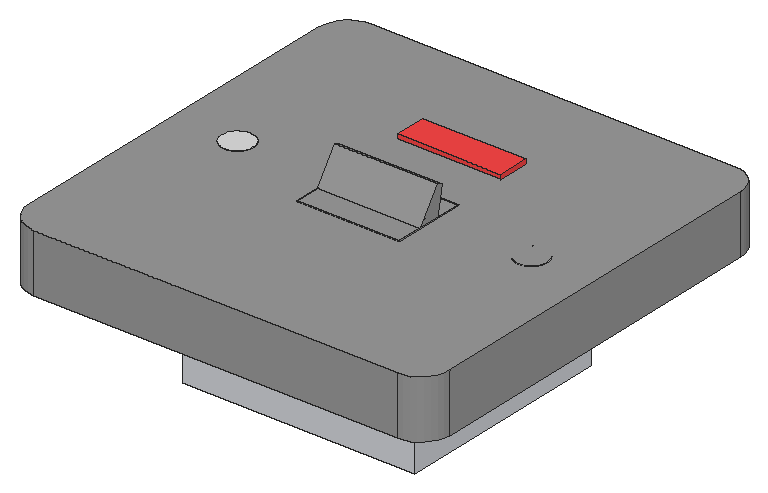
Revit family "ElectricalFixture_WiringAccessories_Hager_Sollysta_RaisedDecorative50ADoublePoleSwitches", category Electrical Fixtures, host Face, Revit 2015
Parameters (values of type "WRDP50NBNB")
  Warranty ID = ""
  Voltage (Volts) = "230V/240V"
  Unique Reference = "WRDP50NBNB"
  Type = "ElectricalFixture"
  Technical Description = Description  # "50ADoublePoleSwitch1GangwithLEDIndicatorBlackNickelBlackInsert"
  Switch = yes
  Supply Phase = "1"
  Size = ""
  Single = yes
  Shipping Weight kg = "0.188"
  Shape = "Rectangular"
  Reference Standard = "BS 1363-2"
  Product URL = "http://www.hager.co.uk/product-catalogue/wiring-accessories/sollysta/white-moulded/white-moulded-sockets/58428.htm"
  Product Range = "Sollysta"
  Product Model Number = Unique Reference  # "WRDP50NBNB"
  Product Literature = "http://www.hager.co.uk/product-catalogue/wiring-accessories/sollysta/38662.htm"
  Product Group = "WiringAccessories"
  Product Family = "Decorative50ADoublePoleSwitches"
  Packaging Recyclable = yes
  Overall Width = Overall Length  # 86.0 mm
  Overall Length = 86.0 mm
  Overall Height = 86.0 mm
  Overall Depth = 21.918 mm
  Operation and Maintenance Manual = ""
  Name = Description  # "50ADoublePoleSwitch1GangwithLEDIndicatorBlackNickelBlackInsert"
  Measurement Units = "mm"
  Material = Hager_BlackNickel
  Manufacturer Website = "http://www.hager.co.uk/"
  Manufacturer Country = "United Kingdom"
  Manufacturer = "Hager"
  LED Indicator Switch = yes
  Gross Weight kg = "0.165"
  Frequency = "50/60Hz"
  Finish = "BlackNickel"
  Features = Description  # "50ADoublePoleSwitch1GangwithLEDIndicatorBlackNickelBlackInsert"
  Extrusion From Wall = 11.9 mm
  Expected Life = "25 years"
  EAN Code = "5015654741914"
  Double = no
  Distance From Edge = 63.59 mm
  Distance From Centre = 22.393 mm
  Design Country = "China"
  Description = "50ADoublePoleSwitch1GangwithLEDIndicatorBlackNickelBlackInsert"
  Default Elevation = 1219.2 mm
  Colour = "BlackNickel"
  CE Approval = yes
Types (7, lengths in mm): name | Unique Reference | Technical Description | Product Model Number | Name | Material | Finish | Features | EAN Code | Description | Colour
  WRDP50NPSW | "WRDP50NPSW" | "50ADoublePoleSwitch1GangwithLEDIndicatorPolishedSteelWhiteInsert" | "WRDP50NPSW" | "50ADoublePoleSwitch1GangwithLEDIndicatorPolishedSteelWhiteInsert" | Hager_PolishedSteel | "Polished" | "50ADoublePoleSwitch1GangwithLEDIndicatorPolishedSteelWhiteInsert" | "5015654741792" | "50ADoublePoleSwitch1GangwithLEDIndicatorPolishedSteelWhiteInsert" | "PolishedSteel"
  WRDP50NBSW | "WRDP50NBSW" | "50ADoublePoleSwitch1GangwithLEDIndicatorBrushedSteelWhiteInsert" | "WRDP50NBSW" | "50ADoublePoleSwitch1GangwithLEDIndicatorBrushedSteelWhiteInsert" | Hager_BrushedSteel | "Brushed" | "50ADoublePoleSwitch1GangwithLEDIndicatorBrushedSteelWhiteInsert" | "5015654741839" | "50ADoublePoleSwitch1GangwithLEDIndicatorBrushedSteelWhiteInsert" | "BrushedSteel"
  WRDP50NPBW | "WRDP50NPBW" | "50ADoublePoleSwitch1GangwithLEDIndicatorPolishedBrassWhiteInsert" | "WRDP50NPBW" | "50ADoublePoleSwitch1GangwithLEDIndicatorPolishedBrassWhiteInsert" | Hager_PolishedBrass | "Polished" | "50ADoublePoleSwitch1GangwithLEDIndicatorPolishedBrassWhiteInsert" | "5015654741877" | "50ADoublePoleSwitch1GangwithLEDIndicatorPolishedBrassWhiteInsert" | "PolishedBrass"
  WRDP50NBSB | "WRDP50NBSB" | "50ADoublePoleSwitch1GangwithLEDIndicatorBrushedSteelBlackInsert" | "WRDP50NBSB" | "50ADoublePoleSwitch1GangwithLEDIndicatorBrushedSteelBlackInsert" | Hager_BrushedSteel | "Brushed" | "50ADoublePoleSwitch1GangwithLEDIndicatorBrushedSteelBlackInsert" | "5015654741853" | "50ADoublePoleSwitch1GangwithLEDIndicatorBrushedSteelBlackInsert" | "BrushedSteel"
  WRDP50NPBB | "WRDP50NPBB" | "50ADoublePoleSwitch1GangwithLEDIndicatorPolishedBrassBlackInsert" | "WRDP50NPBB" | "50ADoublePoleSwitch1GangwithLEDIndicatorPolishedBrassBlackInsert" | Hager_PolishedBrass | "Polished" | "50ADoublePoleSwitch1GangwithLEDIndicatorPolishedBrassBlackInsert" | "5015654741891" | "50ADoublePoleSwitch1GangwithLEDIndicatorPolishedBrassBlackInsert" | "PolishedBrass"
  WRDP50NPSB | "WRDP50NPSB" | "50ADoublePoleSwitch1GangwithLEDIndicatorPolishedSteelBlackInsert" | "WRDP50NPSB" | "50ADoublePoleSwitch1GangwithLEDIndicatorPolishedSteelBlackInsert" | Hager_PolishedSteel | "Polished" | "50ADoublePoleSwitch1GangwithLEDIndicatorPolishedSteelBlackInsert" | "5015654741815" | "50ADoublePoleSwitch1GangwithLEDIndicatorPolishedSteelBlackInsert" | "PolishedSteel"
  WRDP50NBNB | "WRDP50NBNB" | "50ADoublePoleSwitch1GangwithLEDIndicatorBlackNickelBlackInsert" | "WRDP50NBNB" | "50ADoublePoleSwitch1GangwithLEDIndicatorBlackNickelBlackInsert" | Hager_BlackNickel | "BlackNickel" | "50ADoublePoleSwitch1GangwithLEDIndicatorBlackNickelBlackInsert" | "5015654741914" | "50ADoublePoleSwitch1GangwithLEDIndicatorBlackNickelBlackInsert" | "BlackNickel"
Reference planes
  plane 1 "Center (Front/Back)": y = 0
  plane 2: z = 0
  plane 3 "Center (Left/Right)": x = 0
  plane 4: y = -43
  plane 5: y = 43
  plane 6: x = -73
  plane 7: x = 13
  plane 8: z = 11.9
  plane 9: z = -10.018
  plane 10: z = 11.9
  plane 11: y = -471.393
  plane 12: z = -20.53
  plane 13: x = -30
  plane 14: y = 16.633
  plane 15: y = 23
  plane 16: y = -30
  plane 17: y = 30
  plane 18: x = -60
  plane 19: z = 12.7
Forms (mm)
  Extrusion 1, solid, material "Urea Formaldehyde Thermoset Plastic", detail levels fine
    sketch origin (0, 0, 0) x (1, 0, 0) y (0, 1, 0)
      loop
        arc (7.146, -43) -> (11.285, -41.285) -> (13, -37.146) r 5.854
        line (13, -37.146) -> (13, 37.146)
        arc (13, 37.146) -> (11.285, 41.285) -> (7.146, 43) r 5.854
        line (7.146, 43) -> (-67.146, 43)
        arc (-67.146, 43) -> (-71.285, 41.285) -> (-73, 37.146) r 5.854
        line (-73, 37.146) -> (-73, -37.146)
        arc (-73, -37.146) -> (-71.285, -41.285) -> (-67.146, -43) r 5.854
        line (-67.146, -43) -> (7.146, -43)
      loop
        line (-40.459, -9.37) -> (-19.471, -9.37) -> (-19.471, 5.738) -> (-40.459, 5.738) -> (-40.459, -9.37)
    from 0 to 11.9
  Extrusion 2, solid, material "Urea Formaldehyde Thermoset Plastic", detail levels medium
    sketch origin (0, 0, 0) x (1, 0, 0) y (0, 1, 0)
      loop
        line (-73, 43) -> (-73, -43) -> (13, -43) -> (13, 43) -> (-73, 43)
    from 0 to 11.9
  Extrusion 3, solid, material "Urea Formaldehyde Thermoset Plastic", detail levels fine
    sketch origin (0, -41.313, -17.164) x (0, 0.891007, -0.45399) y (0, 0.45399, 0.891007)
      loop
        line (19.888, 41.602) -> (24.815, 41.602) -> (22.464, 50.378) -> (21.278, 50.378) -> (19.888, 41.602)
    from -40.459 to -19.471
  Extrusion 4, solid, material "Urea Formaldehyde Thermoset Plastic", detail levels fine
    sketch origin (0, 0, 0) x (1, 0, 0) y (0, 1, 0)
      loop
        line (-40.459, -9.37) -> (-19.471, -9.37) -> (-19.471, 5.738) -> (-40.459, 5.738) -> (-40.459, -9.37)
    from 0 to 11.9
  Extrusion 5, solid, material "LED Indicator", visible <- "LED Indicator Switch", detail levels fine
    sketch origin (-29.405, -4.712, 0) x (1, 0, 0) y (0, 1, 0)
      loop
        line (-11.054, 21.345) -> (9.934, 21.345) -> (9.934, 27.712) -> (-11.054, 27.712) -> (-11.054, 21.345)
    from 0 to 12.7
  Extrusion 6, solid, material "Steel, Chrome Plated", visible <- "Single", detail levels fine
    sketch origin (-60, 0, 0) x (-1, 0, 0) y (0, -1, 0)
      loop
        circle (0, 0) r 3.228
    from 0 to 11.9
  Extrusion 7, solid, material "Steel, Chrome Plated", visible <- "Single", detail levels fine
    sketch origin (0, 0, 0) x (1, 0, 0) y (0, 1, 0)
      loop
        circle (0, 0) r 3.228
    from 0 to 11.9
  Extrusion 8, solid, detail levels medium+fine
    sketch origin (0, 0, 0) x (1, 0, 0) y (0, 1, 0)
      loop
        line (-53.699, -21.781) -> (-6.401, -21.781) -> (-6.401, 23.219) -> (-53.699, 23.219) -> (-53.699, -21.781)
    from -20.53 to 0
Lines and regions (mm)
  model lines
    curve 1: line (-73, 37.146, 0) -> (-73, -37.146, 0)
    curve 2: line (-67.146, -43, 0) -> (7.146, -43, 0)
    curve 3: arc (-73, -37.146, 0) -> (-71.285, -41.285, 0) -> (-67.146, -43, 0) r 5.854
    curve 4: arc (-67.146, 43, 0) -> (-71.285, 41.285, 0) -> (-73, 37.146, 0) r 5.854
    curve 5: line (7.146, 43, 0) -> (-67.146, 43, 0)
    curve 6: arc (13, 37.146, 0) -> (11.285, 41.285, 0) -> (7.146, 43, 0) r 5.854
    curve 7: line (13, -37.146, 0) -> (13, 37.146, 0)
    curve 8: arc (7.146, -43, 0) -> (11.285, -41.285, 0) -> (13, -37.146, 0) r 5.854
    curve 9: line (-40.459, 16.633, 0) -> (-19.471, 16.633, 0)
    curve 10: line (-19.471, 16.633, 0) -> (-19.471, 23, 0)
    curve 11: line (-19.471, 23, 0) -> (-40.459, 23, 0)
    curve 12: line (-40.459, 23, 0) -> (-40.459, 16.633, 0)
    curve 13: line (-40.459, -9.37, 0) -> (-19.471, -9.37, 0)
    curve 14: line (-19.471, -9.37, 0) -> (-19.471, 5.738, 0)
    curve 15: line (-19.471, 5.738, 0) -> (-40.459, 5.738, 0)
    curve 16: line (-40.459, 5.738, 0) -> (-40.459, -9.37, 0)
    curve 17: line (-40.459, -4.706, 0) -> (-19.471, -4.706, 0)
    curve 18: line (-19.471, -0.316, 0) -> (-40.459, -0.316, 0)
  model lines, visible <- "Single"
    curve 19: arc (-63.228, 0, 0) -> (-60, -3.228, 0) -> (-56.772, 0, 0) r 3.228
    curve 20: arc (-56.772, 0, 0) -> (-60, 3.228, 0) -> (-63.228, 0, 0) r 3.228
    curve 21: arc (-3.228, 0, 0) -> (0, -3.228, 0) -> (3.228, 0, 0) r 3.228
    curve 22: arc (3.228, 0, 0) -> (0, 3.228, 0) -> (-3.228, 0, 0) r 3.228
  model lines, visible <- "Double"
    curve 23: arc (-26.772, -30, 0) -> (-30, -26.772, 0) -> (-33.228, -30, 0) r 3.228
    curve 24: arc (-33.228, -30, 0) -> (-30, -33.228, 0) -> (-26.772, -30, 0) r 3.228
    curve 25: arc (-33.228, 30, 0) -> (-30, 26.772, 0) -> (-26.772, 30, 0) r 3.228
    curve 26: arc (-26.772, 30, 0) -> (-30, 33.228, 0) -> (-33.228, 30, 0) r 3.228
Dimensions and locks
  "Overall Length": plane 6 to plane 7
  "Overall Height": plane 4 to plane 5
  "Overall Depth": plane 9 to plane 8
  "Extrusion From Wall": plane 2 to plane 10
  equal spacing: plane 4, plane 1 "Center (Front/Back)", plane 5
  locked: plane 1 "Center (Front/Back)" to plane 14 at 16.633
  locked: plane 17 to plane 5 at 13
  locked: plane 4 to plane 16 at 13
  locked: plane 19 to plane 8 at 0.8
  "Extrusion From Wall": plane 8 to plane 2
  aligned and locked: plane 2 to host face
  aligned and locked: level to host face
  aligned and locked: Extrusion 1 sketch curve to plane 4
  aligned and locked: Extrusion 1 sketch curve to plane 7
  aligned and locked: Extrusion 1 sketch curve to plane 5
  aligned and locked: Extrusion 1 sketch curve to plane 6
  aligned and locked: Extrusion 1 to plane 8
  aligned and locked: Extrusion 2 sketch curve to plane 6
  aligned and locked: Extrusion 2 sketch curve to plane 4
  aligned and locked: Extrusion 2 sketch curve to plane 7
  aligned and locked: Extrusion 2 sketch curve to plane 5
  aligned and locked: Extrusion 2 to plane 8
  aligned and locked: Extrusion 2 to level
  aligned and locked: Extrusion 1 to Extrusion 4
  aligned and locked: Extrusion 5 to curve 10
  aligned and locked: curve 12 to Extrusion 5
  aligned and locked: curve 13 to Extrusion 4
  aligned and locked: curve 14 to Extrusion 4
  aligned and locked: curve 15 to Extrusion 4
  aligned and locked: curve 16 to Extrusion 4
  aligned and locked: curve 17 to Extrusion 3
  aligned and locked: curve 18 to Extrusion 3
  aligned and locked: plane 15 to curve 11
  aligned and locked: plane 15 to Extrusion 5
  aligned and locked: Extrusion 5 to plane 14
  aligned and locked: curve 9 to plane 14
  aligned and locked: plane 18 to Extrusion 6 sketch curve
  aligned and locked: plane 1 "Center (Front/Back)" to Extrusion 6 sketch curve
  aligned and locked: plane 3 "Center (Left/Right)" to Extrusion 7 sketch curve
  aligned and locked: plane 1 "Center (Front/Back)" to Extrusion 7 sketch curve
  aligned and locked: curve 19 to Extrusion 6
  aligned and locked: curve 20 to Extrusion 6
  aligned and locked: curve 21 to Extrusion 7
  aligned and locked: curve 22 to Extrusion 7
  aligned and locked: plane 12 to Extrusion 8
  aligned and locked: level to Extrusion 8
  aligned and locked: Extrusion 6 to plane 8
  aligned and locked: Extrusion 7 to plane 8
  aligned and locked: Extrusion 4 to level
  aligned and locked: Extrusion 4 to plane 8
  aligned and locked: plane 19 to Extrusion 5
Automatic sketch dimensions
  host sketch curve to host sketch curve = 2438.4 mm  (x2)
  plane 6 to Extrusion 1 sketch curve = 5.854 mm  (x2)
  Extrusion 1 sketch curve to plane 13 = 10.459 mm
  plane 13 to Extrusion 1 sketch curve = 10.529 mm
  Extrusion 1 sketch curve to plane 4 = 5.854 mm
  plane 5 to Extrusion 1 sketch curve = 5.854 mm
  plane 1 "Center (Front/Back)" to Extrusion 1 sketch curve = 9.37 mm
  Extrusion 1 sketch curve to plane 1 "Center (Front/Back)" = 5.738 mm
  plane 8 to Extrusion 3 sketch curve = 1.025 mm
  plane 1 "Center (Front/Back)" to Extrusion 3 sketch curve = 4.706 mm
  Extrusion 3 sketch curve to Extrusion 3 sketch curve = 1.39 mm
  Extrusion 3 sketch curve to Extrusion 3 sketch curve = 1.186 mm
  Extrusion 3 sketch curve to Extrusion 3 sketch curve = 4.928 mm
  Extrusion 3 sketch curve to Extrusion 3 sketch curve = 8.775 mm
  plane 1 "Center (Front/Back)" to Extrusion 4 sketch curve = 9.37 mm
  Extrusion 5 sketch curve to plane 14 = 0.0 mm
  Extrusion 5 sketch curve to plane 15 = 0.0 mm
  Extrusion 5 sketch curve to plane 13 = 10.459 mm
  plane 13 to Extrusion 5 sketch curve = 10.529 mm
  Extrusion 6 sketch curve to plane 18 = 3.228 mm
  Extrusion 7 sketch curve to plane 3 "Center (Left/Right)" = 3.228 mm
  plane 18 to Extrusion 8 sketch curve = 6.301 mm
  Extrusion 8 sketch curve to plane 3 "Center (Left/Right)" = 6.401 mm
  Extrusion 8 sketch curve to plane 16 = 8.219 mm
  plane 17 to Extrusion 8 sketch curve = 6.781 mm
  Extrusion 4 sketch curve to plane 13 = 10.459 mm
  plane 13 to Extrusion 4 sketch curve = 10.529 mm
  Extrusion 4 sketch curve to plane 1 "Center (Front/Back)" = 5.738 mm
Nested families
  nested 1: "LED Switch" at (115.776, 36.364, 0), type "LED Switch"
  nested 2: "LED Switch" at (-1946.613, 203, 0), type "LED Switch"
Connectors
  electrical at (-30, 0, 0)
    settings: on Extrusion 1, index 2, voltage 230 V, apparent load 0 VA, apparent load phase1 0 VA, apparent load phase2 0 VA, apparent load phase3 0 VA, power factor 1, load classification "Other", number of poles 1, system type 31, power factor state 1, is connector primary yes, connector utility no, sub classification motor no, connector description ""
Definition of nested family "LED Switch"
  Parameters (values of type "LED Switch")
    LED Indicator Switch = no
  Reference planes
    plane 1 "Center (Front/Back)": y = 0
    plane 2: z = 0
    plane 3 "Center (Left/Right)": x = 0
  Forms (mm)
    Extrusion 1, solid, visible <- "LED Indicator Switch", detail levels fine
      sketch origin (-4.952, -17.415, 4.745) x (-1, 0, 0) y (0, -0.987688, 0.156434)
        loop
          line (-2.778, -29.269) -> (-7.654, -29.269) -> (-7.654, -32.25) -> (-2.778, -32.25) -> (-2.778, -29.269)
      from 0 to 8.633
    Extrusion 2, solid, visible <- "LED Indicator Switch", detail levels fine
      sketch origin (-74.952, -18.168, 4.067) x (-1, 0, 0) y (0, -0.987688, 0.156434)
        loop
          line (-82.054, -8.53) -> (-82.054, -29.653)
          arc (-82.054, -29.653) -> (-81.106, -31.94) -> (-78.819, -32.888) r 3.235
          line (-78.819, -32.888) -> (-77.654, -32.888) -> (-77.654, -29.907) -> (-75.259, -29.907) -> (-72.778, -29.907) -> (-72.778, -32.888) -> (-71.698, -32.888)
          arc (-71.698, -32.888) -> (-69.359, -31.919) -> (-68.39, -29.58) r 3.308
          line (-68.39, -29.58) -> (-68.39, -8.616)
          arc (-68.39, -8.616) -> (-69.351, -6.296) -> (-71.671, -5.335) r 3.281
          line (-71.671, -5.335) -> (-78.859, -5.335)
          arc (-78.859, -5.335) -> (-81.118, -6.271) -> (-82.054, -8.53) r 3.194
      from 0 to 9.42
  Dimensions and locks
    aligned and locked: level to plane 2
